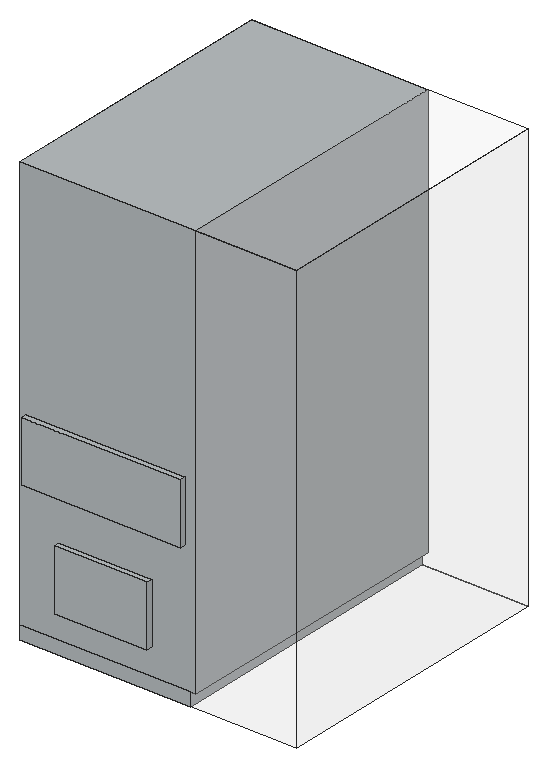
Revit family "lp-1000x4-60_60Hz", category 機械設備, Revit 2019
Family settings
  丸型コネクタ寸法 = 直径を使用
  パーツ タイプ = 標準
  OmniClass 番号 = 23.75.10.34.21
  OmniClass タイトル = Heat Exchangers for Ventilation Air
  作業面ベース = いいえ
  常に垂直 = はい
  ロード時にボイドで切り取り = いいえ
  共有 = いいえ
  部屋計算ポイント = はい
Parameters (values of type "LP-1000X4-60")
  騒音レベル(dB(A)) = 59.5
  風量 = 10000.0 m³/h
  面風速 = 10.33 m/s
  電源種別 [instance] = ""
  電圧 = 200 V
  電動機出力 = 5.5 W
  集中コントローラ = ""
  運転質量 = 0.00 kg
  連動 [instance] = ""
  質量 = if(製品質量 > 運転質量, 製品質量, 運転質量) * 1.2  # 1206.00 kg
  負荷分類 = 3_ファン類
  説明 = "設備用ロスナイ ビル用ロスナイパック形"
  設計風量 = 0.0 m³/h
  設置方法 = "床置形"
  記号 [instance] = ""
  製造元 = "三菱電機株式会社"
  製品質量 = 1005.00 kg
  製品出荷対象 = "国内"
  製品リリース年月 = "2018/7/25"
  製品グループ = ""
  系統 [instance] = ""
  符号 = "HEU"
  積算_科目 = "1 空気調和設備"
  積算_拾い区分 [instance] = ""
  相 = 3
  盤記号 [instance] = ""
  発停方法 [instance] = ""
  特殊仕様 [instance] = ""
  火災停止 [instance] = ""
  温度交換効率 = 77.00%
  消費電力 = 11100 W
  法定耐用年数 = "15"
  機外静圧_排気 = 380.0 Pa
  機外静圧 = 380.0 Pa
  極数 = 3
  材質 [instance] = ""
  本体固定用穴ピッチ2 = 565 mm
  本体固定用穴ピッチ1 = 1930 mm
  本体固定用穴_径 = 20 mm
  本体マテリアル = 溶融亜鉛めっき鋼板
  操作・制御方式 = ""
  操作・制御スイッチ = ""
  排気量 = 0.0 m³/h
  形式 = "床置形"
  幹線記号 [instance] = ""
  対象室 [instance] = ""
  実風量 = 0.0 m³/h
  始動方式 [instance] = "直入"
  外気量 = 0.0 m³/h
  呼称 = "全熱交換ユニット"
  周波数 = 60 Hz
  参照している仕様書等のバージョン = ""
  初期抵抗 = 0.0 Pa
  分類コード = "50052504100050"
  分類グループ = ""
  価格 = 11486000
  企業コード = "108420"
  付属品_フィルター_還気 = ""
  付属品_フィルター = ""
  付属品 [instance] = ""
  仕様書バージョン = "Version1.0"
  モデル = "LP-1000X4-60"
  メンテナンススペース = yes
  コメント [instance] = ""
  Keynote = ""
  エンタルピ交換効率_暖房 = 66.00%
  エンタルピ交換効率_冷房 = 60.00%
  Assembly Code = ""
  Width = 1218 mm
  W1 = 1180 mm
  Version = ""
  Uniclass2015Version = "Systems v1.9"
  Uniclass2015Title = "Thermal wheels"
  Uniclass2015Code = "Pr_60_60_36_88"
  URL = "https://www.mitsubishielectric.co.jp/ldg/wink/ssl/displayProduct.do?pid=294061"
  SpecificationReference = ""
  SpecificationDescription = ""
  SAサイズ_W = 640 mm
  SAサイズ_D = 420 mm
  Revision = ""
  RAダクト接続_通常 = yes
  RAダクト接続_変更4 = no
  RAダクト接続_変更3 = no
  RAダクト接続_変更2 = no
  RAダクト接続_変更1 = no
  RAサイズ_W = 1100 mm
  RAサイズ_D = 420 mm
  ProductInformation = ""
  OmniClassCode = "23-27 23 19 11"
  OAダクト接続_通常 = yes
  OAダクト接続_変更4 = no
  OAダクト接続_変更3 = no
  OAダクト接続_変更2 = no
  OAダクト接続_変更1 = no
  OAサイズ_W = 1100 mm
  OAサイズ_D = 420 mm
  MIN風量 = 0.0 m³/h
  MIN静圧 = 0.0 Pa
  MID風量 = 0.0 m³/h
  MID静圧 = 0.0 Pa
  MAX風量 = 10000.0 m³/h
  MAX静圧 = 380.0 Pa
  IfcTypeProduct = ""
  IfcProduct = ""
  IfcExportType = "ROTARYWHEEL"
  IfcExportAs = "IfcAirToAirHeatRecoveryType"
  Height = 2870 mm
  H1 = 90 mm
  EAサイズ_W = 640 mm
  EAサイズ_D = 420 mm
  Duct_SA_W = 273 mm
  Duct_SA_H = 274 mm
  Duct_RA_W = 43 mm
  Duct_RA_H = 296 mm
  Duct_RA_D = 49 mm
  Duct_Pitch1 = 80 mm
  Duct_OA_W = 43 mm
  Duct_OA_H = 296 mm
  Duct_OA_D = 49 mm
  Duct_Height = 41 mm
  Duct_EA_W = 273 mm
  Duct_EA_H = 274 mm
  Depth = 2000 mm
  D1 = 2000 mm
  Clearance Top = 0 mm
  Clearance Right = 700 mm
  Clearance Left = 0 mm
  Clearance Front = 0 mm
  Clearance Bottom = 0 mm
  Clearance Back = 0 mm
  Author = "三菱電機株式会社"
Reference planes
  plane 1 "中心(正面/背面)": y = 0
  plane 2: z = 0
  plane 3 "中心(左/右)": x = 0
  plane 4: x = 590
  plane 5: x = 628
  plane 6: y = 1000
  plane 7: y = 1000
  plane 8: y = -1000
  plane 9: y = -1000
  plane 10: x = -590
  plane 11: x = -590
  plane 12: y = 741
  plane 13: y = -741
  plane 14: y = -531
  plane 15: y = -951
  plane 16: y = 951
  plane 17: y = 531
  plane 18: x = -547
  plane 19: x = 553
  plane 20: z = 90
  plane 21: z = 2960
  plane 22: z = 3001
  plane 23: y = 565
  plane 24: y = -565
  plane 25: x = -965
  plane 26: x = 965
  plane 27: x = 1328
  plane 28: x = -590
  plane 29: y = 1000
  plane 30: y = -1000
  plane 31: z = 2960
  plane 32: z = 0
  plane 33: x = -317
  plane 34: x = 323
  plane 35: z = 274
  plane 36: z = 694
  plane 37: z = 990
  plane 38: z = 1410
  plane 39: x = -547
  plane 40: x = 553
  plane 41: y = -1041
  plane 42: y = 1041
  plane 43: x = -317
  plane 44: x = 323
  plane 45: z = 274
  plane 46: z = 694
  plane 47: z = 990
  plane 48: z = 1410
  plane 49: z = 1490
  plane 50: z = 1910
  plane 51: z = 1910
  plane 52: z = 1490
  plane 53: z = 1990
  plane 54: z = 1990
  plane 55: z = 2410
  plane 56: z = 2410
  plane 57: z = 2490
  plane 58: z = 2490
  plane 59: z = 2910
  plane 60: z = 2910
Forms (mm)
  Extrusion 1, solid, material "溶融亜鉛めっき鋼板" <- "本体マテリアル", detail levels fine
    sketch origin (0, 0, 0) x (1, 0, 0) y (0, 1, 0)
      loop
        line (-590, 1000) -> (-590, -1000) -> (628, -1000) -> (628, 1000) -> (-590, 1000)
    from 90 to 2960
  Extrusion 2, solid, material "溶融亜鉛めっき鋼板" <- "本体マテリアル", detail levels fine
    sketch origin (0, 0, 0) x (1, 0, 0) y (0, 1, 0)
      loop
        line (-590, 1000) -> (-590, -1000) -> (590, -1000) -> (590, 1000) -> (-590, 1000)
    from 0 to 90
  Extrusion 3, solid, material "溶融亜鉛めっき鋼板" <- "本体マテリアル", visible <- "RAダクト接続_変更1", detail levels fine
    sketch origin (0, 0, 0) x (1, 0, 0) y (0, 1, 0)
      loop
        line (-547, -951) -> (553, -951) -> (553, -531) -> (-547, -531) -> (-547, -951)
    from 2960 to 3001
  Extrusion 4, solid, material "溶融亜鉛めっき鋼板" <- "本体マテリアル", visible <- "OAダクト接続_変更1", detail levels fine
    sketch origin (0, 0, 0) x (1, 0, 0) y (0, 1, 0)
      loop
        line (-547, 951) -> (-547, 531) -> (553, 531) -> (553, 951) -> (-547, 951)
    from 2960 to 3001
  Extrusion 5, solid, material "溶融亜鉛めっき鋼板" <- "本体マテリアル", detail levels fine
    sketch origin (0, 0, 0) x (1, 0, 0) y (0, 0, 1)
      loop
        line (-317, 274) -> (323, 274) -> (323, 694) -> (-317, 694) -> (-317, 274)
    from 1000 to 1041
  Extrusion 6, solid, material "溶融亜鉛めっき鋼板" <- "本体マテリアル", detail levels fine
    sketch origin (0, 0, 0) x (1, 0, 0) y (0, 0, 1)
      loop
        line (323, 694) -> (-317, 694) -> (-317, 274) -> (323, 274) -> (323, 694)
    from -1041 to -1000
  Extrusion 7, solid, material "溶融亜鉛めっき鋼板" <- "本体マテリアル", visible <- "OAダクト接続_通常", detail levels fine
    sketch origin (0, -420, 0) x (1, 0, 0) y (0, 0, 1)
      loop
        line (-547, 990) -> (553, 990) -> (553, 1410) -> (-547, 1410) -> (-547, 990)
    from -1461 to -1420
  Extrusion 8, solid, material "溶融亜鉛めっき鋼板" <- "本体マテリアル", visible <- "RAダクト接続_通常", detail levels fine
    sketch origin (0, 240, 0) x (1, 0, 0) y (0, 0, 1)
      loop
        line (-547, 1410) -> (-547, 990) -> (553, 990) -> (553, 1410) -> (-547, 1410)
    from 1240 to 1281
  Extrusion 9, solid, material "溶融亜鉛めっき鋼板" <- "本体マテリアル", visible <- "OAダクト接続_変更4", detail levels fine
    sketch origin (0, 0, 0) x (1, 0, 0) y (0, 0, 1)
      loop
        line (553, 1490) -> (553, 1910) -> (-547, 1910) -> (-547, 1490) -> (553, 1490)
    from -1041 to -1000
  Extrusion 10, solid, material "溶融亜鉛めっき鋼板" <- "本体マテリアル", visible <- "RAダクト接続_変更4", detail levels fine
    sketch origin (0, 0, 0) x (1, 0, 0) y (0, 0, 1)
      loop
        line (553, 1490) -> (553, 1910) -> (-547, 1910) -> (-547, 1490) -> (553, 1490)
    from 1000 to 1041
  Extrusion 11, solid, material "溶融亜鉛めっき鋼板" <- "本体マテリアル", visible <- "RAダクト接続_変更3"
    sketch origin (0, 0, 0) x (1, 0, 0) y (0, 0, 1)
      loop
        line (-547, 1990) -> (553, 1990) -> (553, 2410) -> (-547, 2410) -> (-547, 1990)
    from 1000 to 1041
  Extrusion 12, solid, material "溶融亜鉛めっき鋼板" <- "本体マテリアル", visible <- "RAダクト接続_変更2"
    sketch origin (0, 0, 0) x (1, 0, 0) y (0, 0, 1)
      loop
        line (-547, 2490) -> (553, 2490) -> (553, 2910) -> (-547, 2910) -> (-547, 2490)
    from 1000 to 1041
  Extrusion 13, solid, material "溶融亜鉛めっき鋼板" <- "本体マテリアル", visible <- "OAダクト接続_変更3"
    sketch origin (0, 0, 0) x (1, 0, 0) y (0, 0, 1)
      loop
        line (-547, 1990) -> (553, 1990) -> (553, 2410) -> (-547, 2410) -> (-547, 1990)
    from -1041 to -1000
  Extrusion 14, solid, material "溶融亜鉛めっき鋼板" <- "本体マテリアル", visible <- "OAダクト接続_変更2"
    sketch origin (0, 0, 0) x (1, 0, 0) y (0, 0, 1)
      loop
        line (-547, 2490) -> (553, 2490) -> (553, 2910) -> (-547, 2910) -> (-547, 2490)
    from -1041 to -1000
Lines and regions (mm)
  Masking region 1, detail levels coarse+medium
    outline origin (1331.5, 88, 0) x (1, 0, 0) y (0, 1, 0)
      loop
        line (-1921.5, 912) -> (-1921.5, -1088) -> (-741.5, -1088) -> (-741.5, 912) -> (-1921.5, 912)
  symbolic lines, detail levels coarse+medium
    curve 1: line (0, 1000, 0) -> (-590, 0, 0)
    curve 2: line (-590, 0, 0) -> (0, -1000, 0)
    curve 3: line (0, -1000, 0) -> (590, 0, 0)
    curve 4: line (0, 1000, 0) -> (590, 0, 0)
Dimensions and locks
  equal spacing: plane 10, plane 3 "中心(左/右)", plane 4
  "W1": plane 10 to plane 4
  "Width": plane 11 to plane 5
  equal spacing: plane 7, plane 1 "中心(正面/背面)", plane 9
  "D1": plane 7 to plane 9
  equal spacing: plane 6, plane 1 "中心(正面/背面)", plane 8
  "Depth": plane 6 to plane 8
  equal spacing: plane 15, plane 13, plane 14
  "RAサイズ_D": plane 15 to plane 14
  equal spacing: plane 17, plane 12, plane 16
  "OAサイズ_D": plane 17 to plane 16
  "RAサイズ_W": plane 18 to plane 19
  locked: plane 11 to plane 10 at 0
  "H1": plane 20 to level
  "Height": plane 21 to plane 20
  "Duct_Height": plane 22 to plane 21
  "本体固定用穴ピッチ2": plane 1 "中心(正面/背面)" to plane 23
  "本体固定用穴ピッチ2": plane 24 to plane 1 "中心(正面/背面)"
  equal spacing: plane 25, plane 3 "中心(左/右)", plane 26
  "本体固定用穴ピッチ1": plane 25 to plane 26
  "Clearance Right": plane 5 to plane 27
  "Clearance Left": plane 28 to plane 11
  "Clearance Back": plane 29 to plane 6
  "Clearance Front": plane 8 to plane 30
  "Clearance Top": plane 31 to plane 21
  "Clearance Bottom": level to plane 32
  "Duct_RA_D": plane 8 to plane 15
  "Duct_OA_D": plane 6 to plane 16
  "Duct_SA_H": plane 35 to level
  "SAサイズ_D": plane 36 to plane 35
  "Duct_RA_H": plane 37 to plane 36
  "RAサイズ_D": plane 38 to plane 37
  "OAサイズ_W": plane 39 to plane 40
  "Duct_OA_W": plane 11 to plane 39
  "Duct_RA_W": plane 11 to plane 18
  "Duct_Height": plane 8 to plane 41
  "SAサイズ_W": plane 34 to plane 33
  "Duct_Height": plane 42 to plane 6
  "Duct_SA_W": plane 33 to plane 11
  "EAサイズ_D": plane 46 to plane 45
  "Duct_EA_H": plane 45 to level
  "Duct_EA_W": plane 43 to plane 11
  "EAサイズ_W": plane 44 to plane 43
  "OAサイズ_D": plane 48 to plane 47
  "Duct_OA_H": plane 47 to plane 46
  "Duct_Pitch1": plane 49 to plane 38
  "RAサイズ_D": plane 50 to plane 49
  "Duct_Pitch1": plane 52 to plane 48
  "OAサイズ_D": plane 51 to plane 52
  "Duct_Pitch1": plane 53 to plane 50
  "RAサイズ_D": plane 55 to plane 53
  "Duct_Pitch1": plane 58 to plane 55
  "RAサイズ_D": plane 60 to plane 58
  "Duct_Pitch1": plane 54 to plane 51
  "OAサイズ_D": plane 56 to plane 54
  "Duct_Pitch1": plane 57 to plane 56
  "OAサイズ_D": plane 59 to plane 57
  aligned and locked: level to plane 2
  aligned and locked: Extrusion 1 sketch curve to plane 6
  aligned and locked: plane 10 to Extrusion 1 sketch curve
  aligned and locked: Extrusion 1 sketch curve to plane 8
  aligned and locked: Extrusion 2 sketch curve to plane 7
  aligned and locked: plane 11 to Extrusion 2 sketch curve
  aligned and locked: Extrusion 2 sketch curve to plane 9
  aligned and locked: plane 15 to Extrusion 3 sketch curve
  aligned and locked: Extrusion 3 sketch curve to plane 18
  aligned and locked: plane 14 to Extrusion 3 sketch curve
  aligned and locked: Extrusion 3 sketch curve to plane 19
  aligned and locked: plane 9 to Masking region 1
  aligned and locked: Masking region 1 to plane 11
  aligned and locked: plane 7 to Masking region 1
  aligned and locked: Masking region 1 to curve 1
  aligned and locked: Masking region 1 to curve 2
  aligned and locked: plane 20 to Extrusion 2
  aligned and locked: plane 21 to Extrusion 1
  aligned and locked: Extrusion 1 to plane 20
  aligned and locked: plane 22 to Extrusion 3
  aligned and locked: Extrusion 3 to plane 21
  aligned and locked: plane 27 to nested 1
  aligned and locked: nested 1 to plane 30
  aligned and locked: nested 1 to plane 29
  aligned and locked: nested 1 to plane 31
  aligned and locked: nested 1 to plane 32
  aligned and locked: plane 9 to curve 2
  aligned and locked: plane 3 "中心(左/右)" to curve 3
  aligned and locked: plane 4 to curve 3
  aligned and locked: plane 3 "中心(左/右)" to curve 4
  aligned and locked: plane 1 "中心(正面/背面)" to curve 4
  aligned and locked: nested 2 to plane 24
  aligned and locked: plane 25 to nested 2
  aligned and locked: nested 2 to plane 26
  aligned and locked: plane 25 to nested 3
  aligned and locked: nested 3 to plane 26
  aligned and locked: plane 1 "中心(正面/背面)" to nested 3
  aligned and locked: plane 25 to nested 4
  aligned and locked: nested 4 to plane 26
  aligned and locked: nested 4 to plane 23
  aligned and locked: nested 1 to plane 28
  aligned and locked: Masking region 1 to plane 4
  aligned and locked: plane 4 to Extrusion 2 sketch curve
  aligned and locked: plane 5 to Extrusion 1 sketch curve
  aligned and locked: Extrusion 4 sketch curve to plane 16
  aligned and locked: plane 18 to Extrusion 4 sketch curve
  aligned and locked: Extrusion 4 sketch curve to plane 17
  aligned and locked: plane 22 to Extrusion 4
  aligned and locked: Extrusion 4 to plane 21
  aligned and locked: Extrusion 5 sketch curve to plane 35
  aligned and locked: Extrusion 5 sketch curve to plane 33
  aligned and locked: plane 36 to Extrusion 5 sketch curve
  aligned and locked: Extrusion 5 sketch curve to plane 34
  aligned and locked: Extrusion 5 to plane 41
  aligned and locked: Extrusion 5 to plane 8
  aligned and locked: Extrusion 6 to plane 42
  aligned and locked: Extrusion 6 to plane 6
  aligned and locked: Extrusion 7 to plane 42
  aligned and locked: Extrusion 7 to plane 6
  aligned and locked: Extrusion 8 sketch curve to plane 38
  aligned and locked: plane 18 to Extrusion 8 sketch curve
  aligned and locked: Extrusion 8 sketch curve to plane 37
  aligned and locked: plane 19 to Extrusion 8 sketch curve
  aligned and locked: Extrusion 8 to plane 41
  aligned and locked: Extrusion 8 to plane 8
  aligned and locked: plane 46 to Extrusion 6 sketch curve
  aligned and locked: plane 44 to Extrusion 6 sketch curve
  aligned and locked: Extrusion 6 sketch curve to plane 45
  aligned and locked: Extrusion 6 sketch curve to plane 43
  aligned and locked: Extrusion 7 sketch curve to plane 47
  aligned and locked: Extrusion 7 sketch curve to plane 18
  aligned and locked: plane 48 to Extrusion 7 sketch curve
  aligned and locked: plane 40 to Extrusion 4 sketch curve
  aligned and locked: Extrusion 7 sketch curve to plane 40
  aligned and locked: plane 52 to Extrusion 9 sketch curve
  aligned and locked: plane 40 to Extrusion 9 sketch curve
  aligned and locked: Extrusion 9 sketch curve to plane 51
  aligned and locked: Extrusion 9 to plane 42
  aligned and locked: Extrusion 9 to plane 6
  aligned and locked: Extrusion 10 sketch curve to plane 49
  aligned and locked: plane 19 to Extrusion 10 sketch curve
  aligned and locked: Extrusion 10 sketch curve to plane 50
  aligned and locked: plane 18 to Extrusion 10 sketch curve
  aligned and locked: plane 39 to Extrusion 9 sketch curve
  aligned and locked: Extrusion 10 to plane 41
  aligned and locked: Extrusion 10 to plane 8
  aligned and locked: Extrusion 11 sketch curve to plane 18
  aligned and locked: Extrusion 11 sketch curve to plane 19
  aligned and locked: Extrusion 11 sketch curve to plane 53
  aligned and locked: plane 55 to Extrusion 11 sketch curve
  aligned and locked: Extrusion 12 sketch curve to plane 58
  aligned and locked: Extrusion 12 sketch curve to plane 18
  aligned and locked: plane 60 to Extrusion 12 sketch curve
  aligned and locked: Extrusion 12 sketch curve to plane 19
  aligned and locked: Extrusion 13 sketch curve to plane 54
  aligned and locked: Extrusion 13 sketch curve to plane 39
  aligned and locked: plane 56 to Extrusion 13 sketch curve
  aligned and locked: Extrusion 13 sketch curve to plane 40
  aligned and locked: Extrusion 14 sketch curve to plane 57
  aligned and locked: Extrusion 14 sketch curve to plane 39
  aligned and locked: plane 59 to Extrusion 14 sketch curve
  aligned and locked: Extrusion 14 sketch curve to plane 40
  aligned and locked: Extrusion 14 to plane 42
  aligned and locked: Extrusion 14 to plane 6
  aligned and locked: Extrusion 13 to plane 42
  aligned and locked: Extrusion 13 to plane 6
  aligned and locked: Extrusion 12 to plane 41
  aligned and locked: Extrusion 12 to plane 8
  aligned and locked: Extrusion 11 to plane 41
  aligned and locked: Extrusion 11 to plane 8
Automatic sketch dimensions
  plane 1 "中心(正面/背面)" to curve 1 = 0 mm
  curve 1 to plane 10 = 0 mm
  curve 4 to plane 7 = 0 mm
  plane 9 to Masking region 1 sketch curve = 0 mm
  Masking region 1 sketch curve to plane 10 = 0 mm
  Masking region 1 sketch curve to plane 4 = 0 mm
  Masking region 1 sketch curve to plane 7 = 0 mm
Nested families
  nested 1: "メンテナンススペース" at (369, 0, 1480), visible <- "メンテナンススペース", type "メンテナンススペース"
    with Width 1918 mm, Height 2960 mm, Depth 2000 mm
  nested 2: "固定点" at (-965, -565, 0), type "固定点"
    with W 1930 mm, D 1000 mm
  nested 3: "固定点" at (-965, 0, 0), type "固定点"
    with W 1930 mm, D 1000 mm
  nested 4: "固定点" at (-965, 565, 0), type "固定点"
    with W 1930 mm, D 1000 mm
Connectors
  electrical at (628, 0, 1525), driven by "極数", driven by "負荷分類", driven by "電圧", driven by "消費電力"
    settings: on Extrusion 1, index 5, voltage 200 V, apparent load 11100 VA, apparent load phase1 0 VA, apparent load phase2 0 VA, apparent load phase3 0 VA, power factor 1, load classification "3_ファン類", number of poles 3, system type 30, power factor state 1, is connector primary yes, connector utility no, sub classification motor no, connector description ""
  hvac at (3, -1041, 484), driven by "SAサイズ_D", driven by "SAサイズ_W", driven by "機外静圧", driven by "風量"
    settings: on Extrusion 5, index 6, duct flow 10000.0 m³/h, flow factor 0, pres drop 380.0 Pa, loss coef 0, conn angle 0.00°, conn width 640 mm, conn height 420 mm, conn diameter 609.6 mm, duct sys type 1, conn prof type 1, flow config 0, flow direction 2, loss method 4, conn ref index -1, conn util no, is conn primary yes, conn desc ""
  hvac at (3, -1041, 1200), driven by "RAサイズ_D", driven by "RAサイズ_W", driven by "機外静圧", driven by "風量"
    settings: on Extrusion 8, index 8, duct flow 10000.0 m³/h, flow factor 0, pres drop 380.0 Pa, loss coef 0, conn angle 0.00°, conn width 1100 mm, conn height 420 mm, conn diameter 609.6 mm, duct sys type 2, conn prof type 1, flow config 0, flow direction 1, loss method 4, conn ref index -1, conn util no, is conn primary no, conn desc ""
  hvac at (3, -741, 3001), driven by "RAサイズ_D", driven by "RAサイズ_W"
    settings: on Extrusion 3, index 9, duct flow 0.0 m³/h, flow factor 0, pres drop 0.0 Pa, loss coef 0, conn angle 0.00°, conn width 1100 mm, conn height 420 mm, conn diameter 609.6 mm, duct sys type 2, conn prof type 1, flow config 0, flow direction 1, loss method 4, conn ref index -1, conn util no, is conn primary no, conn desc ""
  hvac at (3, 741, 3001), driven by "OAサイズ_D", driven by "OAサイズ_W", driven by "機外静圧", driven by "風量"
    settings: on Extrusion 4, index 10, duct flow 10000.0 m³/h, flow factor 0, pres drop 380.0 Pa, loss coef 0, conn angle 0.00°, conn width 1100 mm, conn height 420 mm, conn diameter 609.6 mm, duct sys type 4, conn prof type 1, flow config 0, flow direction 1, loss method 4, conn ref index -1, conn util no, is conn primary no, conn desc ""
  hvac at (3, 1041, 1200), driven by "OAサイズ_D", driven by "OAサイズ_W", driven by "機外静圧", driven by "風量"
    settings: on Extrusion 7, index 11, duct flow 10000.0 m³/h, flow factor 0, pres drop 380.0 Pa, loss coef 0, conn angle 0.00°, conn width 1100 mm, conn height 420 mm, conn diameter 609.6 mm, duct sys type 4, conn prof type 1, flow config 0, flow direction 1, loss method 4, conn ref index -1, conn util no, is conn primary no, conn desc ""
  hvac at (3, 1041, 484), driven by "EAサイズ_D", driven by "EAサイズ_W", driven by "機外静圧_排気", driven by "排気量"
    settings: on Extrusion 6, index 12, duct flow 0.0 m³/h, flow factor 0, pres drop 380.0 Pa, loss coef 0, conn angle 0.00°, conn width 640 mm, conn height 420 mm, conn diameter 609.6 mm, duct sys type 3, conn prof type 1, flow config 0, flow direction 2, loss method 4, conn ref index -1, conn util no, is conn primary no, conn desc ""
  hvac at (3, -1041, 1700), driven by "RAサイズ_D", driven by "RAサイズ_W", driven by "機外静圧", driven by "風量"
    settings: on Extrusion 10, index 13, duct flow 10000.0 m³/h, flow factor 0, pres drop 380.0 Pa, loss coef 0, conn angle 0.00°, conn width 1100 mm, conn height 420 mm, conn diameter 609.6 mm, duct sys type 2, conn prof type 1, flow config 0, flow direction 1, loss method 4, conn ref index -1, conn util no, is conn primary no, conn desc ""
  hvac at (3, 1041, 1700), driven by "OAサイズ_D", driven by "OAサイズ_W", driven by "機外静圧", driven by "風量"
    settings: on Extrusion 9, index 14, duct flow 10000.0 m³/h, flow factor 0, pres drop 380.0 Pa, loss coef 0, conn angle 0.00°, conn width 1100 mm, conn height 420 mm, conn diameter 609.6 mm, duct sys type 4, conn prof type 1, flow config 0, flow direction 1, loss method 4, conn ref index -1, conn util no, is conn primary no, conn desc ""
  hvac at (3, -1041, 2700), driven by "RAサイズ_D", driven by "RAサイズ_W", driven by "機外静圧", driven by "風量"
    settings: on Extrusion 12, index 15, duct flow 10000.0 m³/h, flow factor 0, pres drop 380.0 Pa, loss coef 0, conn angle 0.00°, conn width 1100 mm, conn height 420 mm, conn diameter 609.6 mm, duct sys type 2, conn prof type 1, flow config 0, flow direction 1, loss method 4, conn ref index -1, conn util no, is conn primary no, conn desc ""
  hvac at (3, -1041, 2200), driven by "RAサイズ_D", driven by "RAサイズ_W", driven by "機外静圧", driven by "風量"
    settings: on Extrusion 11, index 16, duct flow 10000.0 m³/h, flow factor 0, pres drop 380.0 Pa, loss coef 0, conn angle 0.00°, conn width 1100 mm, conn height 420 mm, conn diameter 609.6 mm, duct sys type 2, conn prof type 1, flow config 0, flow direction 1, loss method 4, conn ref index -1, conn util no, is conn primary no, conn desc ""
  hvac at (3, 1041, 2700), driven by "OAサイズ_D", driven by "OAサイズ_W", driven by "機外静圧", driven by "風量"
    settings: on Extrusion 14, index 17, duct flow 10000.0 m³/h, flow factor 0, pres drop 380.0 Pa, loss coef 0, conn angle 0.00°, conn width 1100 mm, conn height 420 mm, conn diameter 609.6 mm, duct sys type 4, conn prof type 1, flow config 0, flow direction 1, loss method 4, conn ref index -1, conn util no, is conn primary no, conn desc ""
  hvac at (3, 1041, 2200), driven by "OAサイズ_D", driven by "OAサイズ_W", driven by "機外静圧", driven by "風量"
    settings: on Extrusion 13, index 18, duct flow 10000.0 m³/h, flow factor 0, pres drop 380.0 Pa, loss coef 0, conn angle 0.00°, conn width 1100 mm, conn height 420 mm, conn diameter 609.6 mm, duct sys type 4, conn prof type 1, flow config 0, flow direction 1, loss method 4, conn ref index -1, conn util no, is conn primary no, conn desc ""
Definition of nested family "メンテナンススペース"
  Parameters (values of type "メンテナンススペース")
    Width [instance] = 500 mm
    Height [instance] = 500 mm
    Depth [instance] = 500 mm
  Reference planes
    plane 1 "中心(正面/背面)": y = 0
    plane 2: z = 0
    plane 3 "中心(左/右)": x = 0
    plane 4: y = -250
    plane 5: x = 250
    plane 6: y = 250
    plane 7: x = -250
    plane 8: z = 250
    plane 9: z = -250
  Forms (mm)
    Extrusion 1, solid
      sketch origin (-638.939, 0, 72.39) x (1, 0, 0) y (0, 1, 0)
        loop
          line (388.939, 250) -> (388.939, -250) -> (888.939, -250) -> (888.939, 250) -> (388.939, 250)
      from -322.39 to 177.61
  Lines and regions (mm)
    symbolic lines
      curve 1: line (-250, 0, 250) -> (250, 0, 250)
      curve 2: line (-250, 0, -250) -> (-250, 0, 250)
      curve 3: line (250, 0, -250) -> (-250, 0, -250)
      curve 4: line (250, 0, 250) -> (250, 0, -250)
      curve 5: line (0, -250, 250) -> (0, 250, 250)
      curve 6: line (0, -250, -250) -> (0, -250, 250)
      curve 7: line (0, 250, -250) -> (0, -250, -250)
      curve 8: line (0, 250, 250) -> (0, 250, -250)
      curve 9: line (-250, 250, 0) -> (250, 250, 0)
      curve 10: line (-250, -250, 0) -> (-250, 250, 0)
      curve 11: line (250, -250, 0) -> (-250, -250, 0)
      curve 12: line (250, 250, 0) -> (250, -250, 0)
  Dimensions and locks
    equal spacing: plane 7, plane 3 "中心(左/右)", plane 5
    equal spacing: plane 4, plane 1 "中心(正面/背面)", plane 6
    "Depth": plane 4 to plane 6
    "Width": plane 7 to plane 5
    equal spacing: plane 8, plane 2, plane 9
    "Height": plane 8 to plane 9
    aligned and locked: plane 9 to curve 3
    aligned and locked: plane 7 to curve 2
    aligned and locked: curve 4 to plane 5
    aligned and locked: plane 5 to Extrusion 1
    aligned and locked: Extrusion 1 to plane 7
    aligned and locked: Extrusion 1 to plane 9
    aligned and locked: plane 8 to Extrusion 1
    aligned and locked: plane 9 to curve 7
  Automatic sketch dimensions
    plane 4 to Extrusion 1 sketch curve = 0 mm
    Extrusion 1 sketch curve to plane 7 = 0 mm
    Extrusion 1 sketch curve to plane 5 = 0 mm
    plane 6 to Extrusion 1 sketch curve = 0 mm
    curve 2 to plane 8 = 0 mm
    plane 4 to curve 11 = 0 mm
    curve 11 to plane 7 = 0 mm
    curve 11 to plane 5 = 0 mm
    plane 6 to curve 10 = 0 mm
    curve 7 to plane 4 = 0 mm
    curve 7 to plane 6 = 0 mm
    curve 6 to plane 8 = 0 mm
Definition of nested family "固定点"
  Parameters (values of type "固定点")
    中心円 = 20 mm
    W [instance] = 1000 mm
    D [instance] = 1000 mm
  Reference planes
    plane 1 "中心(正面/背面)": y = 0
    plane 2: z = 0
    plane 3 "中心(左/右)": x = 0
    plane 4: x = 1000
  Lines and regions (mm)
    symbolic lines, detail levels fine
      curve 1: circle (0, 0, 0) r 10 normal (0, 0, 1)
      curve 2: circle (1000, 0, 0) r 10 normal (0, 0, 1)
      curve 3: line (-200, 0, 0) -> (1200, 0, 0)
      curve 4: line (0, 200, 0) -> (0, -200, 0)
      curve 5: line (1000, 200, 0) -> (1000, -200, 0)
  Dimensions and locks
    "W": plane 3 "中心(左/右)" to plane 4
    "中心円": diameter of curve 1
    "中心円": diameter of curve 2
    aligned and locked: level to plane 2
    aligned and locked: plane 3 "中心(左/右)" to curve 1
    aligned and locked: plane 1 "中心(正面/背面)" to curve 1
    aligned and locked: plane 1 "中心(正面/背面)" to curve 2
    aligned and locked: plane 4 to curve 2
    aligned and locked: plane 1 "中心(正面/背面)" to curve 3
    aligned and locked: curve 4 to plane 3 "中心(左/右)"
    aligned and locked: curve 5 to plane 4
  Automatic sketch dimensions
    curve 3 to plane 3 "中心(左/右)" = 200 mm
    curve 2 to curve 3 = 200 mm
    plane 1 "中心(正面/背面)" to curve 4 = 200 mm
    plane 1 "中心(正面/背面)" to curve 5 = 200 mm
    curve 5 to plane 1 "中心(正面/背面)" = 200 mm
    curve 4 to plane 1 "中心(正面/背面)" = 200 mm
